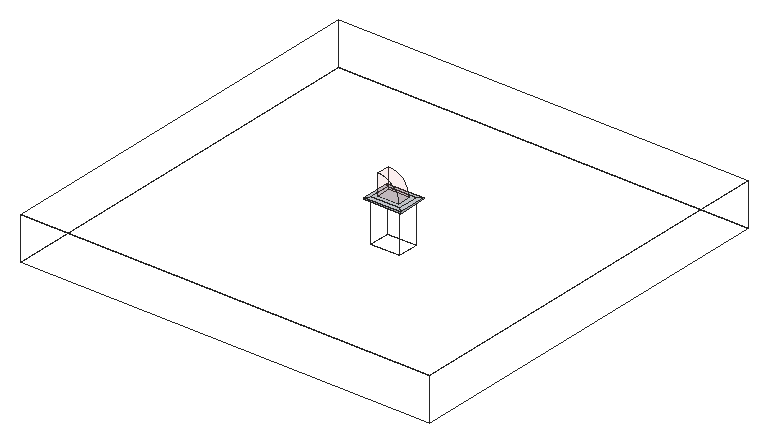
Revit family "Panel_Hinge-RadiusCorner-TouchLatch_CastleAccess", category Generic Models, host Face, Revit 2026
Family settings
  Host = Face
  Can host rebar = No
  Round Connector Dimension = Use Diameter
  Part Type = Normal
  Cut with Voids When Loaded = Yes
  Maintain Annotation Orientation = No
  Shared = No
  Room Calculation Point = No
Parameters
  Warranty Duration (Years) = 3
  Unit Weight = 0
  Unit Height = 0"
  Unit Depth = 5/8"
  Unit Area = Access Opening Height * Access Opening Width  # 0.277778 SF
  URL = "http://www.arcat.com/arcatcos/cos46/arc46034.html"
  Test Data = "https://www.castleaccesspanels.com/assets/generic/SPEC_DATA_SHEET_2011.pdf"
  Swing Clearance Visible [instance] = yes
  Standards Conformance = "as Specified"
  Specification = "https://www.castleaccesspanels.com/assets/generic/SPEC_DATA_SHEET_2011.pdf"
  Send Message = "https://www.castleaccesspanels.com/GFRG-Access-Panels/contact.php"
  Sales Information = "https://www.castleaccesspanels.com/GFRG-Access-Panels/contact.php"
  Rough Opening - Width [instance] = 14"
  Rough Opening - Height [instance] = 11"
  Revision = "R0_2018-01"
  Product Properties = "http://www.arcat.com/catalogs/castleaccess/tapeable-accesspanels/html5/index.html?coid=46034"
  Product Data = "http://www.arcat.com/catalogs/castleaccess/tapeable-accesspanels/html5/index.html?coid=46034"
  Mounting Height [instance] = 48"
  Model = "As Specified"
  Manufacturer Website = "https://www.castleaccesspanels.com/index.html"
  Manufacturer Phone = "(+1)905-738-8089"
  Manufacturer Fax = "(+1)905-760-9234"
  Manufacturer Address = "173 Adesso Dr. Unit 2 Concord, ON, Canada L4K 3C3"
  Manufacturer = "Castle Access Panels & Forms Inc."
  Keynote = "09 54 53"
  Installation Phase = "Ceiling Finishes - Paneling"
  Hinge Quantity = 0
  Green Building-LEED = "http://www.arcat.com/green/clients/leed_data_46034.html"
  Expected Lifespan (Years) = 0
  Drawn By = "Sumex Design, Inc. / Robert S. Weygant, CSI, CDT, SCIP"
  Description = ""
  Default Elevation = 0"  # constant formula
  Cost = 0
  Copyright = "©Arcat Inc. 2018"
  Construction Details = "http://www.arcat.com/details/castleaccess/prod41798.html"
  Clearance Material [instance] = ARCAT Clearance
  Clearance Depth = Access Opening Width  # 8"
  Available Options [instance] = "Touch Latch, Neoprene Gasket as Specified"
  Assembly Code = "C3030140"
  Access Opening Width = 8"
  Access Opening Height = 5"
Reference planes (in)
  plane 1 "Center (Front/Back)": y = -4.59157
  plane 2: z = 0
  plane 3 "Center (Left/Right)": x = 0
  plane 4: z = 0
  plane 5: z = -0.625
  plane 6: x = 4
  plane 7: x = -4
  plane 8: y = -7.09157
  plane 9: y = -2.09157
  plane 10: y = -10.09157
  plane 11: y = 0.90843
  plane 12: x = -7
  plane 13: x = 7
  plane 14: x = -5.5
  plane 15: x = 5.5
  plane 16: y = -0.59157
  plane 17: y = -8.59157
  plane 18: z = -0.125
  plane 19 "Lock/Latch": x = 3.5
  plane 20: z = 8
Forms (in)
  Extrusion 1, solid, material "Default New Material"
    sketch origin (0, 0, 0) x (1, 0, 0) y (0, 1, 0)
      loop
        line (-79.875, 69.28343) -> (-79.875, -82.45938) -> (75.88105, -82.45938) -> (75.88105, 69.28343) -> (-79.875, 69.28343)
    from 0 to -16.35979
  Extrusion 2, solid
    sketch origin (0, 0, 0) x (1, 0, 0) y (0, 1, 0)
      loop
        line (7, 0.90843) -> (-7, 0.90843) -> (-7, -10.09157) -> (7, -10.09157) -> (7, 0.90843)
    from -0.625 to 0
  Extrusion 3, solid, material "Castle Access_Glass Fiber Reinforced Gypsum"
    sketch origin (0, 0, 0) x (1, 0, 0) y (0, 1, 0)
      loop
        line (7, 0.90843) -> (-7, 0.90843) -> (-7, -10.09157) -> (7, -10.09157) -> (7, 0.90843)
    from -0.625 to 0
  Extrusion 4, void
    sketch origin (13, 0, 0) x (1, 0, 0) y (0, 1, 0)
      loop
        line (-18.5, -0.59157) -> (-18.5, -8.59157) -> (-7.5, -8.59157) -> (-7.5, -0.59157) -> (-18.5, -0.59157)
    from -16.35979 to 0
  Sweep 5, void
    path origin (0, 0, 0) x (1, 0, 0) y (0, 1, 0)
      loop
        line (-5.5, -0.59157) -> (-5.5, -8.59157) -> (5.5, -8.59157) -> (5.5, -0.59157) -> (-5.5, -0.59157)
    profile origin (-5.5, -4.59157, 0) x (1, 0, 0) y (0, 0, 1)
      loop
        line (-1.5, 0) -> (-1.5, -0.125) -> (0, 0) -> (-1.5, 0)
  Extrusion 6, solid, material "ARCAT Clearance"
    sketch origin (0, -4.59157, 0) x (1, 0, 0) y (0, 0, 1)
      loop
        line (-4, 8) -> (-4, 0) -> (4, 0)
        arc (4, 0) -> (1.65685, 5.65685) -> (-4, 8) r 8
    from -2.5 to 2.5
Cuts and joins
  Sweep 5 cuts Extrusion 2
  Sweep 5 cuts Extrusion 3
Lines and regions (in)
  model lines, style "GenericModel"
    curve 1: line (3, -2.09157, 0) -> (-3, -2.09157, 0)
    curve 2: line (4, -3.09157, 0) -> (4, -6.09157, 0)
    curve 3: line (3, -7.09157, 0) -> (-3, -7.09157, 0)
    curve 4: line (-4, -3.09157, 0) -> (-4, -6.09157, 0)
  model lines, style "GenericModelHiddenLines"
    curve 5: line (3.70711, -2.38446, 0) -> (-4, -4.59157, 0)
    curve 6: line (3.70711, -6.79868, 0) -> (-4, -4.59157, 0)
    curve 7: arc (-4, -3.09157, 0) -> (-3.70711, -2.38446, 0) -> (-3, -2.09157, 0) r 1
    curve 8: arc (-4, -6.09157, 0) -> (-3.70711, -6.79868, 0) -> (-3, -7.09157, 0) r 1
    curve 9: arc (3, -2.09157, 0) -> (3.70711, -2.38446, 0) -> (4, -3.09157, 0) r 1
    curve 10: arc (3, -7.09157, 0) -> (3.70711, -6.79868, 0) -> (4, -6.09157, 0) r 1
Dimensions and locks (in)
  "Unit Depth": plane 4 to plane 5
  "Access Opening Height": plane 8 to plane 9
  equal spacing: plane 8, plane 1 "Center (Front/Back)", plane 9
  locked: plane 9 to plane 11 at 3
  locked: plane 10 to plane 8 at 3
  "Rough Opening - Height": plane 10 to plane 11
  "Access Opening Width": plane 7 to plane 6
  equal spacing: plane 7, plane 3 "Center (Left/Right)", plane 6
  locked: plane 12 to plane 7 at 3
  locked: plane 6 to plane 13 at 3
  "Rough Opening - Width": plane 12 to plane 13
  locked: plane 14 to plane 7 at 1.5
  locked: plane 6 to plane 15 at 1.5
  locked: plane 9 to plane 16 at 1.5
  locked: plane 17 to plane 8 at 1.5
  locked: level to plane 18 at 0.125
  locked: plane 19 "Lock/Latch" to plane 6 at 0.5
  "Clearance Depth": plane 20 to Extrusion 1
  aligned and locked: Extrusion 1 to plane 2
  aligned and locked: Extrusion 1 to level
  aligned and locked: Extrusion 2 sketch curve to plane 11
  aligned and locked: Extrusion 2 sketch curve to plane 10
  aligned and locked: Extrusion 2 sketch curve to plane 13
  aligned and locked: Extrusion 2 sketch curve to plane 12
  aligned and locked: Extrusion 2 to plane 5
  aligned and locked: plane 2 to Extrusion 2
  aligned and locked: curve 1 to plane 9
  aligned and locked: curve 2 to plane 6
  aligned and locked: curve 3 to plane 8
  aligned and locked: curve 4 to plane 7
  aligned and locked: Extrusion 3 to plane 5
  aligned and locked: Sweep 5 sketch curve to plane 14
  aligned and locked: Sweep 5 sketch curve to plane 16
  aligned and locked: Sweep 5 sketch curve to plane 15
  aligned and locked: Sweep 5 sketch curve to plane 17
  aligned and locked: Sweep 5 sketch curve to plane 12
  aligned and locked: Extrusion 1 to Sweep 5 sketch curve
  aligned and locked: Extrusion 4 sketch curve to plane 14
  aligned and locked: Extrusion 4 sketch curve to plane 16
  aligned and locked: Extrusion 4 sketch curve to plane 17
  aligned and locked: Extrusion 4 sketch curve to plane 15
  aligned and locked: Extrusion 6 sketch curve to plane 7
  aligned and locked: Extrusion 1 to Extrusion 6 sketch curve
  aligned and locked: plane 8 to Extrusion 6
  aligned and locked: Extrusion 6 to plane 9
  aligned and locked: level to Extrusion 4
Automatic sketch dimensions
  Extrusion 1 sketch curve to Extrusion 1 sketch curve = 155.75605"
  Extrusion 1 sketch curve to Extrusion 1 sketch curve = 151.74281"
  plane 11 to Extrusion 3 sketch curve = 0"
  Extrusion 3 sketch curve to plane 12 = 0"
  plane 10 to Extrusion 3 sketch curve = 0"
  Extrusion 3 sketch curve to plane 13 = 0"
  profile plane to Sweep 5 sketch curve = 0"
  Sweep 5 sketch curve to level = 1/8"
  Extrusion 6 sketch curve to plane 6 = 0"
  plane 1 "Center (Front/Back)" to curve 5 = 0"
  plane 7 to curve 7 = 1"
  plane 7 to curve 3 = 1"
  curve 9 to plane 19 "Lock/Latch" = 1/2"
  plane 19 "Lock/Latch" to curve 5 = 0.20711"
  plane 19 "Lock/Latch" to curve 6 = 0.20711"
  curve 6 to plane 8 = 0.29289"
